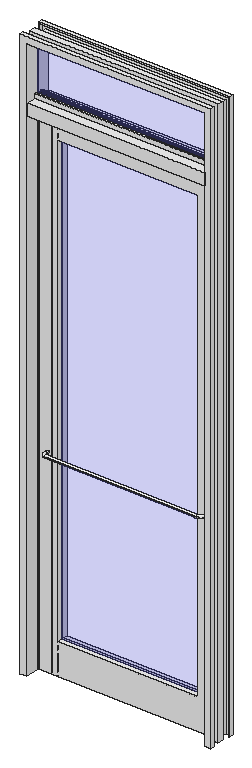
Revit family "kawneer-260_insulclad-sgl_tran-fr_20621", category Doors, host Wall, Revit 2015
Parameters
  Water - Static (ASTM E 331) = "product not tested"
  URL = "http://www.kawneer.com/kawneer/north_america/en/product.asp?prod_id=1821"
  Type of Glazing = "insulating"
  Type Comments = "Narrow Stile Insulated Swing Door"
  Thermal Transmittance = "n/a< 0.67 BTU/hr/sf/F"
  Sub Category3 = ""
  Sub Category2 = ""
  Sub Category1 = ""
  Sightline = 0"
  Short Description = "Narrow Stile Insulated Swing Door"
  Product data url = "https://bimobject.com/kawneerna/product/20617"
  Panel Inserts Material = Glass
  Overall U-Factor = "product not tested"
  Model = "260 Insulclad®"
  Manufacturer Part Number = "260 Insulclad®"
  Manufacturer = "Kawneer"
  Keywords = "Entrance, Door, Swing Door, Thermally Broken"
  Hurricane Resistant Tested [instance] = "product not tested"
  Hinging Types = "Offset Pivot, Butt Hinge, Continuous Gear Hinge"
  Height = Door Panel Height + 12"  # 96"
  Wall Closure = By host
  Width = 32"
  Glazing Thickness = 0"
  Glass U-Factor = "product not tested"
  Glass Installtion = "outside"
  Glass Capture = "Captured"
  Function (Interior or Exterior) = "Exterior"
  Function = Interior
  Door Panel Width = Width - (1 1/8" * 2)  # 29 3/4"
  Door Panel Material = Aluminum - ASTM B 221 - 6063-T6 alloy and temper
  Door Panel Height = 84"
  Door Opening = Door Panel Width  # 29 3/4"
  Door Corner Construction = "Welded"
  Design Pressure = "n/a"
  Design Load = "n/a"
  Description = "The \"260 Insulclad\" is a narrow stile entrance door that is thermally broken and features the dual moment corner construction."
  Depth = 0"
  Color = "any"
  Cladding Type = "Aluminum - ASTM B 221 - 6063-T6 alloy and temper"
  CSI Masterformat Code = "08 41 13"
  Assembly Code = "B2030110"
  Application = "moderate traffic, thermal"
  Air Infiltration (ASTM E 283) = "< 1.00 cfm/ft2  @ 1.57 psf (300 Pa), Pairs of Doors"
  2-Color Option = "yes"
Reference planes
  plane 1 "Centre Wall": y = 0
  plane 2 "Center (Left/Right)": x = 0
  plane 3 "Left": x = -406.4
  plane 4 "Right": x = 406.4
  plane 5: z = 2438.4
  plane 6 "Exterior": y = 75
  plane 7 "Interior": y = -75
  plane 8: z = 2133.6
  plane 9: x = -377.825
  plane 10: x = 377.825
Forms (mm)
  Sweep 1, solid, material "Aluminum - ASTM B 221 - 6063-T6 alloy and temper" <- "Door Panel Material"
    path origin (0, 0, 50.8) x (1, 0, 0) y (0, 0, 1)
      loop
        line (377.825, 2133.6) -> (-377.825, 2133.6)
    profile "TLMidFrame : TLMidFrame" origin (0, 0, 2184.4) x (0, 0, -1) y (0, -1, 0)
      loop
        line (5, 52.15) -> (5, -52.15) -> (45.8, -52.15) -> (45.8, 52.15) -> (5, 52.15)
      loop
        arc (-13.041, -8.796) -> (-14.742, -11.787) -> (-17.973, -12.971) r 5
        line (-17.973, -12.971) -> (-17.973, -14.55) -> (0, -14.55) -> (0, -5.272)
        arc (0, -5.272) -> (-6.307, -7.826) -> (-13.041, -8.796) r 28.226
      loop
        arc (-17.973, 10.971) -> (-14.973, 7.971) -> (-17.973, 4.971) r 3
        line (-17.973, 4.971) -> (-17.973, 3)
        arc (-17.973, 3) -> (-14.756, 4.043) -> (-12.781, 6.788) r 5.429
        arc (-12.781, 6.788) -> (-6.143, 5.7) -> (0, 2.959) r 26.226
        line (0, 2.959) -> (0, -2.959)
        arc (0, -2.959) -> (-6.143, -5.7) -> (-12.781, -6.788) r 26.226
        arc (-12.781, -6.788) -> (-14.756, -4.043) -> (-17.973, -3) r 5.429
        line (-17.973, -3) -> (-17.973, -4.971)
        arc (-17.973, -4.971) -> (-14.973, -7.971) -> (-17.973, -10.971) r 3
        line (-17.973, -10.971) -> (-19.973, -10.971) -> (-19.973, -17.05) -> (0, -17.05) -> (0, -57.15) -> (50.8, -57.15) -> (50.8, -6.35) -> (60.8, -6.35) -> (60.8, -1.35) -> (50.8, -1.35) -> (50.8, 57.15) -> (0, 57.15) -> (0, 17.05) -> (-19.973, 17.05) -> (-19.973, 10.971) -> (-17.973, 10.971)
      loop
        arc (-17.973, 12.971) -> (-14.742, 11.787) -> (-13.041, 8.796) r 5
        arc (-13.041, 8.796) -> (-6.307, 7.826) -> (0, 5.272) r 28.226
        line (0, 5.272) -> (0, 14.55) -> (-17.973, 14.55) -> (-17.973, 12.971)
  Sweep 2, solid, material "Aluminum - ASTM B 221 - 6063-T6 alloy and temper" <- "Door Panel Material"
    path origin (0, 0, 0) x (1, 0, 0) y (0, 0, 1)
      loop
        line (-406.4, 0) -> (-406.4, 2438.4) -> (406.4, 2438.4) -> (406.4, 0)
    profile "TLTPFrame : TLTPFrame" origin (406.4, 0, 1219.2) x (1, 0, 0) y (0, -1, 0)
      loop
        line (-23.575, 11) -> (-23.575, 52.125) -> (-5, 52.125) -> (-5, 42.125) -> (0, 42.125) -> (0, 57.125) -> (-28.575, 57.125) -> (-28.575, 6) -> (-11.325, 6) -> (-11.325, -6) -> (-28.575, -6) -> (-28.575, -57.175) -> (0, -57.175) -> (0, -42.175) -> (-5, -42.175) -> (-5, -52.175) -> (-23.575, -52.175) -> (-23.575, -11) -> (-6.325, -11) -> (-6.325, 11) -> (-23.575, 11)
  Extrusion 3, solid, material "Glass" <- "Panel Inserts Material"
    sketch origin (0, 0, 0) x (1, 0, 0) y (0, 1, 0)
      loop
        line (-395.075, 6) -> (-395.075, -6) -> (395.075, -6) -> (395.075, 6) -> (-395.075, 6)
    from 2184.4 to 2427.075
Lines and regions (mm)
  Opening 1
    outline origin (-3050, -75, 0) x (1, 0, 0) y (0, 0, 1)
      loop
        line (2643.6, 0) -> (3456.4, 0) -> (3456.4, 2438.4) -> (2643.6, 2438.4) -> (2643.6, 0)
Text (mm)
  text "Exterior" at (-2295.016, 1099.543, 0), in view "Ref. Level"
  text "Exterior" at (0, 1615.38, 3698.081), in view "Left"
  text "Exterior" at (0, 1036.032, 3874.932), in view "Right"
Dimensions and locks
  equal spacing: plane 3 "Left", plane 2 "Center (Left/Right)", plane 4 "Right"
  "Width": plane 3 "Left" to plane 4 "Right"
  "Height": plane 5 to host wall
  host wall to plane 5 = 96"
  "Door Panel Height": host wall to plane 8
  locked: plane 6 "Exterior" to host wall at 0
  locked: plane 7 "Interior" to host wall
  locked: plane 3 "Left" to plane 9 at 28.575
  locked: plane 10 to plane 4 "Right" at 28.575
  aligned and locked: plane 3 "Left" to Opening 1 sketch curve
  aligned and locked: plane 5 to Opening 1 sketch curve  (x2)
  aligned and locked: Opening 1 sketch curve to plane 4 "Right"
  aligned and locked: Opening 1 sketch curve to level
  aligned and locked: plane 1 "Centre Wall" to host wall
  aligned and locked: plane 10 to Sweep 1 sketch curve
  aligned and locked: plane 9 to Sweep 1 sketch curve
  aligned and locked: Sweep 1 to plane 8
  aligned and locked: nested 1 to plane 2 "Center (Left/Right)"
  aligned and locked: plane 4 "Right" to Sweep 2 sketch curve
  aligned and locked: plane 3 "Left" to Sweep 2 sketch curve
  aligned and locked: plane 5 to Sweep 2 sketch curve
  aligned and locked: level to Sweep 2 sketch curve  (x2)
  aligned and locked: plane 9 to Sweep 2
  aligned and locked: plane 10 to Sweep 2
  aligned and locked: Extrusion 3 sketch curve to Sweep 2  (x4)
  aligned and locked: Extrusion 3 to Sweep 2
  aligned and locked: Extrusion 3 to Sweep 1
Automatic sketch dimensions
  plane 8 to Sweep 1 sketch curve = 2"
Nested families
  nested 1: "Kawneer-260_Insulclad-Sgl" at (-310.356, -18.225, 0) x (-1, 0, 0) z (0, 0, 1), type "Kawneer-260_Insulclad-Sgl"
    with Width 29 3/4", Door Handle Width 26 5/8"
Definition of nested family "Kawneer-260_Insulclad-Sgl"
  Parameters
    Width = 32"
    Water - static (ASTM E 331) = ""
    Type of Glazing = ""
    Thermal transmittance = ""
    Sub Category3 = ""
    Sub Category2 = ""
    Sub Category1 = ""
    Short Description = ""
    Performance standards = ""
    Panel Inserts Material = none
    Overall U-Factor = ""
    Mfr Part Num = ""
    Manufacturer = "Kawneer"
    Keywords = ""
    Hurricane Resistant Tested = ""
    Hinging Types = ""
    Height = 84"
    Glass capture = ""
    Glass U-Factor = ""
    Glass Installtion = ""
    Function (Interior or Exterior) = ""
    Door Panel Material = none
    Door Hangle Material = none
    Door Hangle Height = 33 25/256"
    Door Handle Width = Width - (1 9/16" * 2)  # 28 7/8"
    Door Corner Construction = ""
    Design load = ""
    Design Pressure = ""
    Depth = 2"
    Color = ""
    Cladding Type = ""
    CSI Mastformat Code = ""
    Assembly Code = "B2030110"
    Application = ""
    Air Infiltration (ASTM E 283) = ""
    2-Color Option = ""
  Reference planes
    plane 1 "Center (Front/Back)": y = -50
    plane 2: z = 0
    plane 3 "Center (Left/Right)": x = -310.356
    plane 4: x = -716.756
    plane 5: x = 96.044
    plane 6: y = -24.6
    plane 7: y = -75.4
    plane 8: z = 2133.6
    plane 9: z = 840.68
    plane 10: x = -637.381
    plane 11: x = 16.669
    plane 12: x = -677.069
  Forms (mm)
    Sweep 1, solid, material <- "Door Panel Material"
      path origin (0, -50, 0) x (1, 0, 0) y (0, 0, 1)
        loop
          line (-716.756, 2133.6) -> (-716.756, 0)
      profile "IC260 Side : IC260 Side" origin (-716.756, -50, 1066.8) x (1, 0, 0) y (0, -1, 0)
        loop
          line (48.975, -20.4) -> (48.975, 20.439) -> (4.961, 20.439) -> (4.961, -20.4) -> (48.975, -20.4)
        loop
          line (79.375, 25.4) -> (0, 25.4) -> (0, -25.4) -> (79.375, -25.4) -> (79.375, -5.418) -> (74.414, -5.418) -> (74.414, -20.4) -> (53.975, -20.4) -> (53.975, 20.4) -> (74.414, 20.4) -> (74.414, 5.418) -> (79.375, 5.418) -> (79.375, 25.4)
    Sweep 2, solid, material <- "Door Panel Material"
      path origin (0, -50, 0) x (1, 0, 0) y (0, 0, 1)
        loop
          line (96.044, 2133.6) -> (96.044, 0)
      profile "IC260 Side : IC260 Side" origin (96.044, -50, 1066.8) x (1, 0, 0) y (0, -1, 0)
        loop
          line (-48.975, 20.4) -> (-48.975, -20.439) -> (-4.961, -20.439) -> (-4.961, 20.4) -> (-48.975, 20.4)
        loop
          line (-79.375, -25.4) -> (0, -25.4) -> (0, 25.4) -> (-79.375, 25.4) -> (-79.375, 5.418) -> (-74.414, 5.418) -> (-74.414, 20.4) -> (-53.975, 20.4) -> (-53.975, -20.4) -> (-74.414, -20.4) -> (-74.414, -5.418) -> (-79.375, -5.418) -> (-79.375, -25.4)
    Sweep 3, solid, material <- "Door Panel Material"
      path origin (0, -50, 0) x (1, 0, 0) y (0, 0, 1)
        loop
          line (-637.381, 2133.6) -> (16.669, 2133.6)
      profile "IC260 Top : IC260 Top" origin (-310.356, -50, 2133.6) x (0, 0, 1) y (0, -1, 0)
        loop
          line (-52.15, 20.4) -> (-52.15, -20.439) -> (-15, -20.439) -> (-15, 20.4) -> (-52.15, 20.4)
        loop
          line (-57.15, -20.4) -> (-85.089, -20.4) -> (-85.089, -5.418) -> (-90.05, -5.418) -> (-90.05, -25.4) -> (0, -25.4) -> (0, -20.4) -> (-10, -20.4) -> (-10, 20.4) -> (0, 20.4) -> (0, 25.4) -> (-90.05, 25.4) -> (-90.05, 5.418) -> (-85.089, 5.418) -> (-85.089, 20.4) -> (-57.15, 20.4) -> (-57.15, -20.4)
    Sweep 4, solid, material <- "Door Panel Material"
      path origin (0, -50, 0) x (1, 0, 0) y (0, 0, 1)
        loop
          line (-637.381, 0) -> (16.669, 0)
      profile "IC260 Bottom : IC260 Bottom" origin (-310.356, -50, 0) x (0, 0, 1) y (0, -1, 0)
        loop
          line (93.425, -20.4) -> (93.425, 20.439) -> (15, 20.439) -> (15, -20.4) -> (93.425, -20.4)
        loop
          line (98.425, 20.4) -> (126.364, 20.4) -> (126.364, 5.418) -> (131.325, 5.418) -> (131.325, 25.4) -> (0, 25.4) -> (0, 20.4) -> (10, 20.4) -> (10, -20.4) -> (0, -20.4) -> (0, -25.4) -> (131.325, -25.4) -> (131.325, -5.418) -> (126.364, -5.418) -> (126.364, -20.4) -> (98.425, -20.4) -> (98.425, 20.4)
    Extrusion 5, solid, material <- "Panel Inserts Material"
      sketch origin (0, 0, 0) x (1, 0, 0) y (0, 1, 0)
        loop
          line (-642.342, -44.582) -> (-642.342, -55.418) -> (21.63, -55.418) -> (21.63, -44.582) -> (-642.342, -44.582)
      from 126.364 to 2048.511
  Cuts and joins
    joined: Sweep 1, Sweep 2, Sweep 3, Sweep 4
  Dimensions and locks
    equal spacing: plane 4, plane 3 "Center (Left/Right)", plane 5
    equal spacing: plane 6, plane 1 "Center (Front/Back)", plane 7
    "Depth": plane 6 to plane 7
    "Width": plane 4 to plane 5
    "Height": plane 8 to level
    "Door Hangle Height": plane 9 to level
    locked: plane 4 to plane 10 at 79.375
    locked: plane 11 to plane 5 at 79.375
    locked: plane 4 to plane 12 at 39.687
    aligned and locked: plane 7 to nested 1
    aligned and locked: plane 9 to nested 1
    aligned and locked: nested 2 to plane 6
    aligned and locked: nested 2 to plane 9
    aligned and locked: plane 8 to Sweep 1 sketch curve
    aligned and locked: level to Sweep 1 sketch curve
    aligned and locked: plane 8 to Sweep 2 sketch curve
    aligned and locked: level to Sweep 2 sketch curve
    aligned and locked: plane 12 to nested 1
    aligned and locked: plane 10 to Sweep 3 sketch curve
    aligned and locked: plane 11 to Sweep 3 sketch curve
    aligned and locked: plane 10 to Sweep 4 sketch curve
    aligned and locked: plane 11 to Sweep 4 sketch curve
    aligned and locked: Extrusion 5 sketch curve to cut or joined group of Sweep 1, Sweep 2, Sweep 3, Sweep 4  (x2)
    aligned and locked: cut or joined group of Sweep 1, Sweep 2, Sweep 3, Sweep 4 to Extrusion 5 sketch curve  (x2)
    aligned and locked: cut or joined group of Sweep 1, Sweep 2, Sweep 3, Sweep 4 to Extrusion 5  (x2)
  Automatic sketch dimensions
    Sweep 1 sketch curve to plane 4 = 0"
    Sweep 2 sketch curve to plane 5 = 0"
    Sweep 3 sketch curve to plane 8 = 0"
    Sweep 4 sketch curve to level = 0"
  Nested families
    nested 1: "Style CO 9 Pull" at (-715.103, -75.4, 612.08), type "Style CO 9 Pull"
    nested 2: "Style CP II Push Bar" at (-260.356, -24.6, 840.68), type "Style CP II Push Bar"
      with Width 28 7/8"
  Definition of nested family "Style CO 9 Pull"
    Parameters
      Width = 1.1811"
      Height = 9"
      Hangle Material = none
      Depth = 1.1811"
    Reference planes
      plane 1 "Center (Front/Back)": y = 0
      plane 2: z = 0
      plane 3 "Center (Left/Right)": x = 53.034
      plane 4: y = -30
      plane 5: x = 38.034
      plane 6: x = 68.034
      plane 7: x = 46.034
      plane 8 "Top": z = 228.6
      plane 9: x = 60.034
      plane 10: z = 220.6
      plane 11: z = 8
    Forms (mm)
      Sweep 1, solid, material <- "Hangle Material"
        path origin (0, 0, 0) x (1, 0, 0) y (0, 1, 0)
          loop
            line (38.034, 0) -> (38.034, -23)
            arc (38.034, -23) -> (40.085, -27.95) -> (45.034, -30) r 7
            line (45.034, -30) -> (60.034, -30)
        profile origin (38.034, -11.5, 0) x (1, 0, 0) y (0, 0, 1)
          loop
            circle (0, 0) r 5
      Sweep 2, solid, material <- "Hangle Material"
        path origin (0, 0, 228.6) x (-1, 0, 0) y (0, -1, 0)
          loop
            line (-38.034, 0) -> (-38.034, 23)
            arc (-38.034, 23) -> (-40.085, 27.95) -> (-45.034, 30) r 7
            line (-45.034, 30) -> (-60.034, 30)
        profile origin (38.034, -11.5, 228.6) x (1, 0, 0) y (0, 0, 1)
          loop
            circle (0, 0) r 5
      Sweep 3, solid, material <- "Hangle Material"
        path origin (-1540.712, -30, 1200) x (-1, 0, 0) y (0, 0, 1)
          loop
            arc (-1600.747, -1200) -> (-1606.404, -1197.657) -> (-1608.747, -1192) r 8
            line (-1608.747, -1192) -> (-1608.747, -979.4)
            arc (-1608.747, -979.4) -> (-1606.404, -973.743) -> (-1600.747, -971.4) r 8
        profile origin (68.034, -30, 114.3) x (1, 0, 0) y (0, 1, 0)
          loop
            circle (0, 0) r 5
    Cuts and joins
      joined: Sweep 1, Sweep 2, Sweep 3
    Dimensions and locks
      "Depth": plane 4 to plane 1 "Center (Front/Back)"
      equal spacing: plane 5, plane 3 "Center (Left/Right)", plane 6
      locked: plane 5 to plane 7 at 8
      "Width": plane 5 to plane 6
      "Height": plane 8 "Top" to level
      locked: plane 9 to plane 6 at 8
      locked: level to plane 11 at 8
      locked: plane 10 to plane 8 "Top" at 8
      aligned and locked: Sweep 1 sketch curve to plane 5
      aligned and locked: Sweep 1 sketch curve to plane 4
      aligned and locked: plane 1 "Center (Front/Back)" to Sweep 1 sketch curve
      aligned and locked: plane 9 to Sweep 1 sketch curve
      aligned and locked: Sweep 2 sketch curve to plane 5
      aligned and locked: Sweep 2 sketch curve to plane 4
      aligned and locked: plane 1 "Center (Front/Back)" to Sweep 2 sketch curve
      aligned and locked: plane 9 to Sweep 2 sketch curve
      aligned and locked: plane 6 to Sweep 3 sketch curve  (x2)
      aligned and locked: plane 10 to Sweep 3 sketch curve
      aligned and locked: plane 11 to Sweep 3 sketch curve
      aligned and locked: plane 9 to Sweep 3 sketch curve  (x2)
      aligned and locked: plane 8 "Top" to Sweep 3 sketch curve
      aligned and locked: level to Sweep 3 sketch curve
      aligned and locked: plane 4 to Sweep 3 sketch curve
    Automatic sketch dimensions
      Sweep 1 sketch curve to plane 7 = 0.03937"
      Sweep 1 sketch curve to level = 0"
      Sweep 1 sketch curve to profile plane = 0"
      Sweep 2 sketch curve to plane 7 = 0.03937"
      Sweep 2 sketch curve to plane 8 "Top" = 0"
      Sweep 2 sketch curve to profile plane = 0"
      radius of Sweep 1 sketch curve = 0.19685"
      radius of Sweep 2 sketch curve = 0.19685"
      radius of Sweep 3 sketch curve = 0.19685"
  Definition of nested family "Style CP II Push Bar"
    Parameters
      Width = 28"
      Hangle Material = none
      Depth = 1.1811"
    Reference planes
      plane 1 "Center (Front/Back)": y = 0
      plane 2: z = 0
      plane 3 "Center (Left/Right)": x = -50
      plane 4: x = -405.6
      plane 5: x = 305.6
      plane 6: y = -30
      plane 7: z = 0
    Forms (mm)
      Sweep 1, solid, material <- "Hangle Material"
        path origin (0, 0, 0) x (1, 0, 0) y (0, 1, 0)
          loop
            line (-405.6, 0) -> (-405.6, -15)
            arc (-405.6, -15) -> (-401.207, -25.607) -> (-390.6, -30) r 15
            line (-390.6, -30) -> (290.6, -30)
            arc (290.6, -30) -> (301.207, -25.607) -> (305.6, -15) r 15
            line (305.6, -15) -> (305.6, 0)
        profile origin (-50, -30, 0) x (0, 1, 0) y (0, 0, 1)
          loop
            circle (0, 0) r 5
    Dimensions and locks
      "Depth": plane 6 to plane 1 "Center (Front/Back)"
      equal spacing: plane 4, plane 3 "Center (Left/Right)", plane 5
      "Width": plane 4 to plane 5
      aligned and locked: Sweep 1 sketch curve to plane 5
      aligned and locked: plane 1 "Center (Front/Back)" to Sweep 1 sketch curve  (x2)
      aligned and locked: Sweep 1 sketch curve to plane 4
      aligned and locked: level to plane 7
    Automatic sketch dimensions
      Sweep 1 sketch curve to level = 0"
      Sweep 1 sketch curve to profile plane = 0"
      Sweep 1 sketch curve to plane 6 = 0"
      plane 4 to Sweep 1 sketch curve = 0.59055"
      plane 1 "Center (Front/Back)" to Sweep 1 sketch curve = 0.59055"
      radius of Sweep 1 sketch curve = 0.19685"
